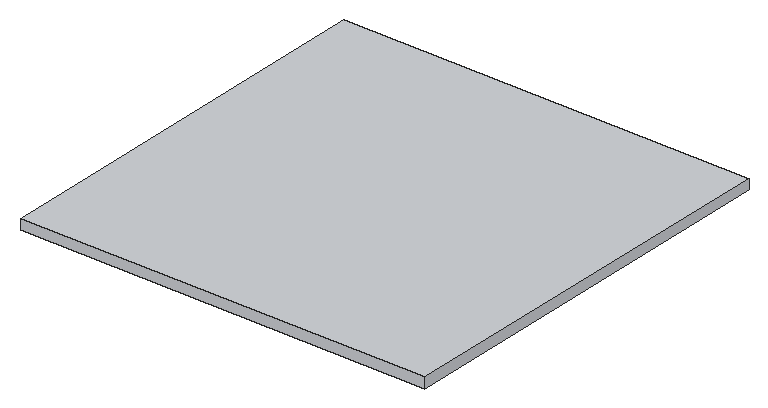
Revit family "8641500", category Aparatos sanitarios, Revit 2017
Family settings
  Anfitrión = Cara
  Cota de conector redondo = Diámetro de uso
  Tipo de pieza = Normal
  Número OmniClass = 23.45.55.14
  Título OmniClass = Single Faucets
  Corte con vacíos al cargar = No
  Compartido = No
  Punto de cálculo de habitación = No
Parameters (values of type "8641500")
  URL = "http://www.griferiasgalindo.com/bano-ducha/theo/grifo-bano-ducha-theo?c=es"
  Teléfono = "(+34) 915 782 575"
  TIPO DE AGUA = "Fria/Caliente"
  REFERENCIA = "8641500"
  Presión Máxima = "8 bar"
  PESO BRUTO = "4.08 Kg"
  Modelo = "GRUPO BAÑO-DUCHA sin accesorios"
  Material = LATON CROMADO
  Imagen de tipo = <Ninguno>
  Fabricante = "PRESTO IBÉRICA"
  Default Elevation = 1219.2 mm
  ENTRADA = "Hembra 3/4\""
  Descripción = "Grupo baño-ducha"
  Código de montaje = "C1030220"
  Contacto = "info@prestoiberica.com"
  Conexión AF = yes
  Conexión AC = yes
  Comentarios de tipo = "Cartucho sellado mezclador con discos cerámicos de Ø 35 mm.  Entradas hembra de 3/4\" con excéntricas y embellecedor."
  CIERRE = "Manual"
  CAUDAL = ""
  Accionamiento = "Mediante maneta"
Reference planes
  plane 1 "Centro (Frontal/Posterior)": y = 0
  plane 2: z = 0
  plane 3 "Centro (Izquierda/Derecha)": x = 0
Forms (mm)
  Extrusion 1, solid
    sketch origin (0, 0, 0) x (1, 0, 0) y (0, 1, 0)
      loop
        line (-100, 100) -> (-100, -100) -> (100, -100) -> (100, 100) -> (-100, 100)
    from 0 to -5
Dimensions and locks
  Extrusion 1 sketch curve to plane 1 "Centro (Frontal/Posterior)" = 100 mm
  aligned and locked: plane 2 to Extrusion 1
  aligned and locked: level to Extrusion 1
Connectors
  piping at (-74, -12, -19.8), diameter 19.1
    settings: on import instance, index 1, connector inside diameter 609.6 mm, connector length 0 mm, flow factor 0, pipe flow 0.0 L/s, pressure drop 0.0 Pa, fitting loss kfactor 0, connector angle 0.00°, fixture units 0, engagement length 0 mm, angle of deflection 0.00°, flow configuration 0, flow direction 1, fitting loss method 0, system type 19, joint type 0, gender type 0, connector reference index -1, connector utility 0, adjustable connector no, is connector primary yes, connector description ""
  piping at (75.7, -12, -19.8), diameter 19.1
    settings: on import instance, index 2, connector inside diameter 609.6 mm, connector length 0 mm, flow factor 0, pipe flow 0.0 L/s, pressure drop 0.0 Pa, fitting loss kfactor 0, connector angle 0.00°, fixture units 0, engagement length 0 mm, angle of deflection 0.00°, flow configuration 0, flow direction 1, fitting loss method 0, system type 20, joint type 0, gender type 0, connector reference index -1, connector utility 0, adjustable connector no, is connector primary no, connector description ""
